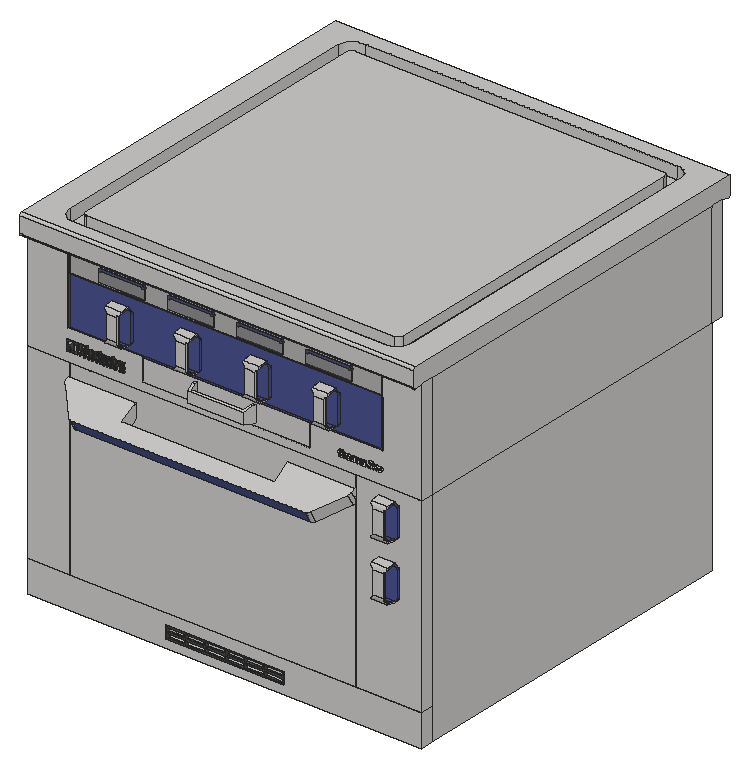
Revit family "QF_ELECTROLUXPROFESSIONAL_588423_MATGEAH8AO", category Attrezzature speciali, Revit 2020
Family settings
  Quota connettore circolare = Usa diametro
  Tipo di parte = Normale
  Basato su piano di lavoro = No
  Sempre verticale = Sì
  Taglio con vuoti quando caricato = No
  Condiviso = No
  Punto di calcolo locali = No
Parameters (values of type "Standard")
  Weight = 208.00 kg
  Watts = 17300 W
  Volts = 400 V
  URL Manufacturer = "https://www.electroluxprofessional.com/"
  URL = "https://www.electroluxprofessional.com/"
  Steam Supply Size = 0"
  Steam Supply Minimum Pressure = 0.00 psi
  Steam Supply Maximum Pressure = 0.00 psi
  Steam Consumption per Hour = 0
  Refrigeration Suction Line Size = 0 mm
  Refrigeration Liquid Line Size = 0 mm
  Refrigerant Compressor Remote = yes
  Prospetto di default = 0 mm
  Phase = 3
  Modello = "MATGEAH8AO"
  Produttore = "Electrolux Professional"
  Length Actual = 800 mm  # constant formula
  Item Number = "588423"
  Hot Water Size = 0"
  Height Actual = 700 mm  # constant formula
  HP = "23.2 HP"
  Gas Size = 0"
  Gas KW = 0
  Gas Input Pressure = 0.0 Btu/h
  Direct Waste Size = 0"
  Descrizione = "EL.FREE COOK.ST.OVEN,1S,800X800X700H"
  Depth Actual = 800 mm  # constant formula
  Cycle = 50 Hz
  Condensate Return Size = 0"
  Compressed Air Volume = 0 GPM
  Compressed Air Size = 0"
  Compressed Air Pressure = 0.00 psi
  Cold Water Size = 0"
  Accessory = yes
Reference planes
  plane 1 "BACK": y = 0
  plane 2: z = 0
  plane 3 "LEFT": x = 0
  plane 4 "RIGHT": x = 800
  plane 5 "FRONT": y = -800
  plane 6 "TOP": z = 900
  plane 7 "Center (Left/Right)": x = 400
  plane 8: y = -400
  plane 9: z = 200
  plane 10: y = -150
  plane 11 "Panel": y = -755
  plane 12: z = 798
  plane 13: z = 1327
  plane 14: x = 78
  plane 15: x = 722
  plane 16: y = -150
  plane 17: y = -650
  plane 18 "EIx": x = 755
  plane 19 "EIy": y = -585
Forms (mm)
  Extrusion 1, solid, material "QF_Finishes_Stainless Steel"
    sketch origin (-178.969, -4572, 200) x (-1, 0, 0) y (0, -1, 0)
      loop
        line (-178.969, -4527) -> (-178.969, -3817) -> (-978.969, -3817) -> (-978.969, -4527) -> (-178.969, -4527)
    from 450 to 663
  Extrusion 2, solid, material "QF_Finishes_Stainless Steel"
    sketch origin (0, 0, 0) x (0, 1, 0) y (0, 0, 1)
      loop
        line (-755, 200) -> (-755, 265) -> (-780, 265) -> (-780, 200) -> (-755, 200)
    from 0 to 800
  Extrusion 3, solid, material "QF_Finishes_Stainless Steel"
    sketch origin (-588.969, -4562, 200) x (-1, 0, 0) y (0, -1, 0)
      loop
        circle (-1343.969, -3977) r 6.35
    from 0 to -11.851
  Extrusion 4, solid, material "QF_Finishes_Stainless Steel"
    sketch origin (400, 296.4, 1219.2) x (0, 1, 0) y (0, 0, 1)
      loop
        line (-296.4, -319.2) -> (-1091.4, -319.2)
        arc (-1091.4, -319.2) -> (-1094.935, -320.664) -> (-1096.4, -324.2) r 5
        line (-1096.4, -324.2) -> (-1096.4, -355.2)
        arc (-1096.4, -355.2) -> (-1094.971, -358.264) -> (-1091.705, -359.139) r 4
        line (-1091.705, -359.139) -> (-1076.4, -356.231) -> (-316.4, -356.231) -> (-301.094, -359.139)
        arc (-301.094, -359.139) -> (-297.829, -358.264) -> (-296.4, -355.2) r 4
        line (-296.4, -355.2) -> (-296.4, -319.2)
    from -400 to 400
  Extrusion 5, solid, material "QF_Finishes_Stainless Steel"
    sketch origin (0, 0, 900) x (-1, 0, 0) y (0, -1, 0)
      loop
        arc (-88, 59) -> (-80.929, 61.929) -> (-78, 69) r 10
        line (-78, 69) -> (-78, 730)
        arc (-78, 730) -> (-80.929, 737.071) -> (-88, 740) r 10
        line (-88, 740) -> (-712, 740)
        arc (-712, 740) -> (-719.071, 737.071) -> (-722, 730) r 10
        line (-722, 730) -> (-722, 69)
        arc (-722, 69) -> (-719.071, 61.929) -> (-712, 59) r 10
        line (-712, 59) -> (-88, 59)
    from 0 to -20
  Extrusion 6, solid, material "QF_Finishes_Stainless Steel"
    sketch origin (-178.969, -4572, 200) x (-1, 0, 0) y (0, -1, 0)
      loop
        line (-178.969, -4527) -> (-178.969, -3817) -> (-978.969, -3817) -> (-978.969, -4527) -> (-178.969, -4527)
    from 450 to 0
  Extrusion 7, void
    sketch origin (0, -755, 0) x (-1, 0, 0) y (0, 0, 1)
      loop
        line (-520, 216.594) -> (-280, 216.594) -> (-280, 241.594) -> (-520, 241.594) -> (-520, 216.594)
    from 0 to -25
  Extrusion 8, solid, material "QF_Finishes_Black"
    sketch origin (0, -755, 0) x (-1, 0, 0) y (0, 0, 1)
      loop
        line (-280, 241.594) -> (-520, 241.594) -> (-520, 216.594) -> (-280, 216.594) -> (-280, 241.594)
      loop
        line (-282, 239.594) -> (-319.131, 239.594) -> (-319.131, 230.094) -> (-282, 230.094) -> (-282, 239.594)
      loop
        line (-282, 218.594) -> (-282, 228.094) -> (-319.131, 228.094) -> (-319.131, 218.594) -> (-282, 218.594)
      loop
        line (-321.131, 239.594) -> (-359.066, 239.594) -> (-359.066, 230.094) -> (-321.131, 230.094) -> (-321.131, 239.594)
      loop
        line (-399, 239.594) -> (-399, 230.094) -> (-361.066, 230.094) -> (-361.066, 239.594) -> (-399, 239.594)
      loop
        line (-401, 239.594) -> (-438.934, 239.594) -> (-438.934, 230.094) -> (-401, 230.094) -> (-401, 239.594)
      loop
        line (-359.066, 218.594) -> (-321.131, 218.594) -> (-321.131, 228.094) -> (-359.066, 228.094) -> (-359.066, 218.594)
      loop
        line (-361.066, 218.594) -> (-361.066, 228.094) -> (-399, 228.094) -> (-399, 218.594) -> (-361.066, 218.594)
      loop
        line (-401, 228.094) -> (-438.934, 228.094) -> (-438.934, 218.594) -> (-401, 218.594) -> (-401, 228.094)
      loop
        line (-518, 239.594) -> (-518, 230.094) -> (-480.869, 230.094) -> (-480.869, 239.594) -> (-518, 239.594)
      loop
        line (-518, 218.594) -> (-480.869, 218.594) -> (-480.869, 228.094) -> (-518, 228.094) -> (-518, 218.594)
      loop
        line (-478.869, 239.594) -> (-478.869, 230.094) -> (-440.934, 230.094) -> (-440.934, 239.594) -> (-478.869, 239.594)
      loop
        line (-440.934, 218.594) -> (-440.934, 228.094) -> (-478.869, 228.094) -> (-478.869, 218.594) -> (-440.934, 218.594)
    from -25.03 to -20
  Extrusion 9, void
    sketch origin (0, 0, 900) x (-1, 0, 0) y (0, -1, 0)
      loop
        arc (-53, 740) -> (-61.787, 761.213) -> (-83, 770) r 30
        line (-83, 770) -> (-717, 770)
        arc (-717, 770) -> (-738.213, 761.213) -> (-747, 740) r 30
        line (-747, 740) -> (-747, 59)
        arc (-747, 59) -> (-738.213, 37.787) -> (-717, 29) r 30
        line (-717, 29) -> (-83, 29)
        arc (-83, 29) -> (-61.787, 37.787) -> (-53, 59) r 30
        line (-53, 59) -> (-53, 740)
    from 0 to -25
  Extrusion 10, solid, material "QF_Finishes_Stainless Steel"
    sketch origin (0, 0, 900) x (-1, 0, 0) y (0, -1, 0)
      loop
        line (-82, 63) -> (-82, 736) -> (-718, 736) -> (-718, 63) -> (-82, 63)
    from -20 to -25
  Extrusion 11, solid, material "QF_Finishes_Stainless Steel"
    sketch origin (400, 296.4, 1219.2) x (0, 1, 0) y (0, 0, 1)
      loop
        line (-341.4, -569.2) -> (-316.4, -569.2) -> (-316.4, -356.231) -> (-341.4, -356.231) -> (-341.4, -569.2)
    from -400 to 400
Cuts and joins
  Extrusion 7 cuts Extrusion 6
  Extrusion 7 cuts Extrusion 2
  Extrusion 9 cuts Extrusion 4
Lines and regions (mm)
  symbolic lines
    curve 1: line (0, 0, 200) -> (800, 0, 200)
    curve 2: line (0, -800, 200) -> (0, 0, 200)
    curve 3: line (800, -800, 200) -> (0, -800, 200)
    curve 4: line (800, 0, 200) -> (800, -800, 200)
    curve 5: line (712, -59, 200) -> (88, -59, 200)
    curve 6: line (722, -680, 200) -> (722, -69, 200)
    curve 7: arc (88, -59, 200) -> (80.929, -61.929, 200) -> (78, -69, 200) r 10
    curve 8: arc (722, -69, 200) -> (719.071, -61.929, 200) -> (712, -59, 200) r 10
    curve 9: line (712, -741, 200) -> (88, -741, 200)
    curve 10: arc (88, -741, 200) -> (80.929, -738.071, 200) -> (78, -731, 200) r 10
    curve 11: arc (722, -731, 200) -> (719.071, -738.071, 200) -> (712, -741, 200) r 10
    curve 12: line (78, -69, 0) -> (78, -731, 0)
    curve 13: line (722, -731, 0) -> (722, -69, 0)
    curve 14: arc (83, -29, 0) -> (61.787, -37.787, 0) -> (53, -59, 0) r 30
    curve 15: line (717, -29, 0) -> (83, -29, 0)
    curve 16: line (53, -59, 0) -> (53, -740, 0)
    curve 17: line (747, -740, 0) -> (747, -59, 0)
    curve 18: arc (747, -59, 0) -> (738.213, -37.787, 0) -> (717, -29, 0) r 30
    curve 19: arc (717, -770, 0) -> (738.213, -761.213, 0) -> (747, -740, 0) r 30
    curve 20: line (83, -770, 0) -> (717, -770, 0)
    curve 21: arc (53, -740, 0) -> (61.787, -761.213, 0) -> (83, -770, 0) r 30
Dimensions and locks
  plane 3 "LEFT" to plane 4 "RIGHT" = 800 mm
  plane 5 "FRONT" to plane 1 "BACK" = 800 mm
  equal spacing: plane 3 "LEFT", plane 7 "Center (Left/Right)", plane 4 "RIGHT"
  equal spacing: plane 5 "FRONT", plane 8, plane 1 "BACK"
  plane 6 "TOP" to level = 900 mm  (x2)
  plane 9 to level = 200 mm
  plane 1 "BACK" to plane 10 to plane 11 "Panel" = 150 mm, 605 mm  (x2)
  plane 6 "TOP" to plane 9 to level = 700 mm, 200 mm
  plane 1 "BACK" to plane 5 "FRONT" = 800 mm
  plane 1 "BACK" to Extrusion 3 = 585 mm
  plane 12 to plane 9 = 598 mm
  plane 13 to plane 6 "TOP" = 427 mm
  plane 6 "TOP" to plane 12 = 102 mm
  plane 14 to plane 3 "LEFT" = 78 mm
  plane 15 to plane 4 "RIGHT" = 78 mm
  locked: plane 1 "BACK" to plane 16 at 150
  locked: plane 16 to plane 17 at 500
  plane 11 "Panel" to plane 5 "FRONT" = 45 mm
  plane 18 "EIx" to plane 4 "RIGHT" = 45 mm
  plane 19 "EIy" to plane 1 "BACK" = 585 mm
  aligned and locked: level to plane 2
  aligned and locked: Extrusion 2 to plane 4 "RIGHT"
  aligned and locked: plane 3 "LEFT" to nested 1
  aligned and locked: Extrusion 11 to plane 4 "RIGHT"
  aligned and locked: Extrusion 11 to plane 3 "LEFT"
  aligned and locked: plane 7 "Center (Left/Right)" to nested 4
Automatic sketch dimensions
  Extrusion 2 sketch curve to plane 9 = 0 mm
  Extrusion 2 sketch curve to plane 11 "Panel" = 0 mm
  Extrusion 2 sketch curve to plane 5 "FRONT" = 20 mm
  plane 9 to Extrusion 2 sketch curve = 65 mm
  Extrusion 3 sketch curve to plane 18 "EIx" = 0 mm
  Extrusion 3 sketch curve to plane 19 "EIy" = 0 mm
  Extrusion 4 sketch curve to plane 5 "FRONT" = 0 mm
  Extrusion 4 sketch curve to plane 6 "TOP" = 0 mm
  Extrusion 4 sketch curve to plane 1 "BACK" = 0 mm
  Extrusion 4 sketch curve to plane 5 "FRONT" = 4 mm
  Extrusion 4 sketch curve to Extrusion 4 sketch curve = 0.695 mm
  Extrusion 4 sketch curve to plane 5 "FRONT" = 5 mm
  Extrusion 4 sketch curve to Extrusion 4 sketch curve = 15.305 mm
  plane 1 "BACK" to Extrusion 4 sketch curve = 20 mm
  plane 1 "BACK" to Extrusion 4 sketch curve = 4.695 mm
  Extrusion 4 sketch curve to Extrusion 4 sketch curve = 4 mm
  Extrusion 4 sketch curve to Extrusion 4 sketch curve = 31 mm
  Extrusion 4 sketch curve to plane 6 "TOP" = 36 mm
  Extrusion 4 sketch curve to Extrusion 4 sketch curve = 2.909 mm
  Extrusion 5 sketch curve to plane 15 = 0 mm
  Extrusion 5 sketch curve to plane 14 = 0 mm
  plane 15 to Extrusion 5 sketch curve = 10 mm  (x2)
  Extrusion 5 sketch curve to Extrusion 5 sketch curve = 10 mm  (x2)
  plane 10 to Extrusion 5 sketch curve = 91 mm
  plane 17 to Extrusion 5 sketch curve = 80 mm
  plane 9 to Extrusion 7 sketch curve = 41.594 mm
  plane 7 "Center (Left/Right)" to Extrusion 7 sketch curve = 120 mm
  Extrusion 7 sketch curve to plane 7 "Center (Left/Right)" = 120 mm
  plane 9 to Extrusion 7 sketch curve = 16.594 mm
  plane 9 to Extrusion 8 sketch curve = 41.594 mm
  plane 7 "Center (Left/Right)" to Extrusion 8 sketch curve = 120 mm
  Extrusion 8 sketch curve to Extrusion 8 sketch curve = 2 mm  (x15)
  Extrusion 8 sketch curve to Extrusion 8 sketch curve = 0 mm  (x16)
  Extrusion 8 sketch curve to Extrusion 8 sketch curve = 37.131 mm  (x2)
  Extrusion 8 sketch curve to Extrusion 8 sketch curve = 37.934 mm  (x3)
  plane 7 "Center (Left/Right)" to Extrusion 8 sketch curve = 1 mm  (x2)
  Extrusion 8 sketch curve to plane 7 "Center (Left/Right)" = 1 mm  (x2)
  plane 9 to Extrusion 8 sketch curve = 18.594 mm  (x4)
  Extrusion 8 sketch curve to Extrusion 8 sketch curve = 9.5 mm  (x6)
  Extrusion 10 sketch curve to plane 14 = 4 mm
  plane 15 to Extrusion 10 sketch curve = 4 mm
  plane 17 to Extrusion 10 sketch curve = 86 mm
  plane 10 to Extrusion 10 sketch curve = 87 mm
  plane 18 "EIx" to Extrusion 9 sketch curve = 8 mm
  plane 15 to Extrusion 9 sketch curve = 5 mm  (x2)
  Extrusion 9 sketch curve to plane 14 = 5 mm  (x2)
  plane 14 to Extrusion 9 sketch curve = 25 mm
  plane 1 "BACK" to Extrusion 9 sketch curve = 29 mm
  plane 11 "Panel" to Extrusion 9 sketch curve = 15 mm
  Extrusion 1 sketch curve to plane 4 "RIGHT" = 0 mm
  Extrusion 1 sketch curve to plane 3 "LEFT" = 0 mm
  Extrusion 1 sketch curve to plane 11 "Panel" = 0 mm
  plane 1 "BACK" to Extrusion 1 sketch curve = 45 mm
  plane 1 "BACK" to curve 1 = 0 mm
  curve 1 to plane 4 "RIGHT" = 0 mm
  curve 6 to plane 15 = 0 mm
  curve 11 to plane 15 = 0 mm
  curve 10 to plane 14 = 0 mm
  curve 7 to plane 14 = 0 mm
  curve 2 to plane 3 "LEFT" = 0 mm
  plane 5 "FRONT" to curve 3 = 0 mm
  plane 15 to curve 9 = 10 mm
  plane 15 to curve 5 = 10 mm
  curve 7 to plane 14 = 10 mm
  curve 10 to plane 14 = 10 mm
  plane 1 "BACK" to curve 5 = 59 mm
  plane 17 to curve 6 = 30 mm
  plane 11 "Panel" to curve 11 = 24 mm
  Extrusion 6 sketch curve to plane 4 "RIGHT" = 0 mm
  Extrusion 6 sketch curve to plane 3 "LEFT" = 0 mm
  Extrusion 6 sketch curve to plane 11 "Panel" = 0 mm
  plane 1 "BACK" to Extrusion 6 sketch curve = 45 mm
  curve 12 to plane 14 = 0 mm
  curve 13 to plane 15 = 0 mm
  plane 11 "Panel" to curve 12 = 24 mm
  plane 11 "Panel" to curve 13 = 24 mm
  plane 1 "BACK" to curve 13 = 69 mm
  curve 14 to plane 14 = 5 mm
  curve 12 to curve 14 = 10 mm
  plane 1 "BACK" to curve 15 = 29 mm
  plane 15 to curve 15 = 5 mm
  plane 11 "Panel" to curve 16 = 15 mm
  plane 18 "EIx" to curve 17 = 8 mm
  plane 11 "Panel" to curve 17 = 15 mm
  plane 15 to curve 19 = 5 mm
  curve 20 to plane 14 = 5 mm
  plane 1 "BACK" to Extrusion 11 sketch curve = 45 mm
  plane 1 "BACK" to Extrusion 11 sketch curve = 20 mm
  Extrusion 11 sketch curve to plane 12 = 148 mm
  Extrusion 11 sketch curve to plane 6 "TOP" = 37.031 mm
  radius of Extrusion 3 sketch curve = 6.35 mm
Nested families
  nested 1: "Door_Panel_W800_A" at (300, -755, 0), type "Door_Panel_W800_A"
  nested 2: "FIT Range Control Handle" at (730, -783.167, -372.751), type "FIT Range Control Handle"
  nested 3: "FIT Range Control Handle" at (730, -783.167, -484.751), type "FIT Range Control Handle"
  nested 4: "Front_Panel_W800_Four Knobs" at (202.376, -755, 0), type "Front_Panel_W800_Four Knobs"
Connectors
  electrical at (755, -585, 188.149)
    settings: on Extrusion 3, index 1, voltage 400 V, apparent load 33000 VA, apparent load phase1 0 VA, apparent load phase2 0 VA, apparent load phase3 0 VA, power factor 1, load classification "Other", number of poles 1, system type 30, power factor state 1, is connector primary yes, connector utility no, sub classification motor no, connector description "ELECTRICAL CONNECTION"
Definition of nested family "Door_Panel_W800_A"
  Parameters
    Default Elevation = 0 mm
  Reference planes
    plane 1 "Center (Front/Back)": y = 0
    plane 2 "Ref. Level": z = 0
    plane 3: x = 500
    plane 4: x = -300
    plane 5 "Center (Left/Right)": x = 100
    plane 6: x = -215
    plane 7: x = 365
    plane 8 "Manopola": through (-6096, -50.059, 612.389) normal (0, -0.515, 0.8572)
    plane 9 "Top": z = 650
    plane 10: z = 265
    plane 11: z = 200
  Forms (mm)
    Extrusion 1, solid
      sketch origin (100, 0, 0) x (0, 1, 0) y (0, 0, 1)
        loop
          line (-25.03, 650) -> (-25.03, 265) -> (0, 265) -> (0, 650) -> (-25.03, 650)
      from 265 to 400
    Extrusion 2, solid
      sketch origin (100, 0, 0) x (0, 1, 0) y (0, 0, 1)
        loop
          line (-25.03, 650) -> (-25.03, 265) -> (0, 265) -> (0, 650) -> (-25.03, 650)
      from -400 to -315
    Extrusion 3, solid
      sketch origin (100, 0, 0) x (0, 1, 0) y (0, 0, 1)
        loop
          line (-25.03, 650) -> (-25.03, 265) -> (0, 265) -> (0, 650) -> (-25.03, 650)
      from -315 to 265
    Extrusion 4, solid
      sketch origin (0, -283.633, 472.044) x (0, 0.857167, 0.515038) y (-1, 0, 0)
        loop
          line (299.12, -365) -> (299.12, 215) -> (290.982, 215)
          arc (290.982, 215) -> (286.677, 214.026) -> (283.211, 211.293) r 10
          line (283.211, 211.293) -> (233.28, 170.86)
          arc (233.28, 170.86) -> (230.548, 167.394) -> (229.574, 163.089) r 10
          line (229.574, 163.089) -> (229.574, -313.089)
          arc (229.574, -313.089) -> (230.548, -317.394) -> (233.28, -320.86) r 10
          line (233.28, -320.86) -> (283.211, -361.293)
          arc (283.211, -361.293) -> (286.677, -364.026) -> (290.982, -365) r 10
          line (290.982, -365) -> (299.12, -365)
      from -27 to 0
    Extrusion 5, void
      sketch origin (100, 0, 0) x (0, 1, 0) y (0, 0, 1)
        loop
          line (-61.514, 605.507) -> (-47.608, 582.363) -> (-25.03, 595.93) -> (-25.03, 627.429) -> (-61.514, 605.507)
      from -180 to 130
    Extrusion 6, solid, detail levels coarse
      sketch origin (100, 0, 0) x (0, 1, 0) y (0, 0, 1)
        loop
          line (-25.03, 265) -> (-25.03, 650)
          arc (-25.03, 650) -> (-297.266, 537.236) -> (-410.03, 265) r 385
          line (-410.03, 265) -> (-25.03, 265)
      from -315 to 265
  Cuts and joins
    Extrusion 5 cuts Extrusion 4
    joined: Extrusion 3, Extrusion 4
  Lines and regions (mm)
    symbolic lines
      curve 1: line (-207.355, -45.043, 0) -> (-170.86, -83.673, 0)
      curve 2: line (-163.089, -86.85, 0) -> (313.089, -86.85, 0)
      curve 3: line (320.86, -83.673, 0) -> (357.355, -45.043, 0)
      curve 4: arc (-163.089, -86.85, 0) -> (-167.318, -86.101, 0) -> (-170.86, -83.673, 0) r 10.165
      curve 5: arc (313.089, -86.85, 0) -> (317.318, -86.101, 0) -> (320.86, -83.673, 0) r 10.165
      curve 6: line (-215, -45.043, 0) -> (-215, -410.03, 0)
      curve 7: line (-215, -410.03, 0) -> (365, -410.03, 0)
      curve 8: line (365, -410.03, 0) -> (365, -45.03, 0)
  Dimensions and locks
    plane 3 to plane 4 = 800 mm
    plane 4 to plane 3 = 800 mm
    equal spacing: plane 3, plane 5 "Center (Left/Right)", plane 4
    plane 6 to plane 4 = 85 mm
    plane 3 to plane 7 = 135 mm
    plane 11 to level = 200 mm
    plane 10 to plane 11 = 65 mm
    plane 10 to plane 9 "Top" = 385 mm
    plane 9 "Top" to plane 11 = 450 mm
    aligned and locked: plane 3 to Extrusion 1
    aligned and locked: cut or joined group of Extrusion 3, Extrusion 4, Extrusion 5 to plane 6
    aligned and locked: cut or joined group of Extrusion 3, Extrusion 4, Extrusion 5 to plane 7
    aligned and locked: plane 7 to Extrusion 1
    aligned and locked: plane 6 to Extrusion 2
    aligned and locked: Extrusion 2 to plane 4
    aligned and locked: plane 10 to Extrusion 2
    aligned and locked: plane 10 to cut or joined group of Extrusion 3, Extrusion 4, Extrusion 5
    aligned and locked: plane 10 to Extrusion 1
    aligned and locked: Extrusion 6 to plane 6
    aligned and locked: Extrusion 6 to plane 7
  Automatic sketch dimensions
    Extrusion 5 sketch curve to plane 8 "Manopola" = 0 mm  (x2)
    plane 1 "Center (Front/Back)" to Extrusion 5 sketch curve = 61.514 mm
    Extrusion 5 sketch curve to Extrusion 5 sketch curve = 13.906 mm
    plane 1 "Center (Front/Back)" to Extrusion 5 sketch curve = 25.03 mm
    Extrusion 4 sketch curve to plane 7 = 0 mm
    Extrusion 4 sketch curve to plane 6 = 0 mm
    plane 6 to Extrusion 4 sketch curve = 51.911 mm
    plane 7 to Extrusion 4 sketch curve = 44.14 mm
    Extrusion 4 sketch curve to Extrusion 4 sketch curve = 3.707 mm  (x2)
    plane 6 to Extrusion 4 sketch curve = 44.14 mm
    plane 7 to Extrusion 4 sketch curve = 3.707 mm
    Extrusion 4 sketch curve to Extrusion 4 sketch curve = 49.93 mm  (x2)
    plane 6 to Extrusion 4 sketch curve = 3.707 mm
    Extrusion 4 sketch curve to Extrusion 4 sketch curve = 7.771 mm  (x3)
    Extrusion 4 sketch curve to Extrusion 4 sketch curve = 8.138 mm
    Extrusion 2 sketch curve to plane 1 "Center (Front/Back)" = 0 mm
    Extrusion 3 sketch curve to plane 1 "Center (Front/Back)" = 0 mm
    Extrusion 1 sketch curve to plane 1 "Center (Front/Back)" = 0 mm
    Extrusion 2 sketch curve to plane 9 "Top" = 0 mm
    Extrusion 2 sketch curve to Extrusion 2 sketch curve = 25.03 mm
    Extrusion 3 sketch curve to plane 9 "Top" = 0 mm
    Extrusion 3 sketch curve to Extrusion 3 sketch curve = 25.03 mm
    Extrusion 1 sketch curve to plane 9 "Top" = 0 mm
    plane 1 "Center (Front/Back)" to Extrusion 1 sketch curve = 25.03 mm
    level to Extrusion 1 sketch curve = 265 mm
    level to Extrusion 2 sketch curve = 265 mm
    level to Extrusion 3 sketch curve = 265 mm
    plane 10 to Extrusion 6 sketch curve = 0 mm
    Extrusion 6 sketch curve to plane 9 "Top" = 0 mm
    plane 1 "Center (Front/Back)" to Extrusion 6 sketch curve = 25.03 mm
    curve 7 to plane 7 = 0 mm
    plane 6 to curve 1 = 44.14 mm
    curve 4 to curve 4 = 7.389 mm
    curve 4 to curve 2 = 7.771 mm
    plane 7 to curve 2 = 51.911 mm
    curve 2 to curve 5 = 0.382 mm
    curve 2 to curve 3 = 7.771 mm
    plane 1 "Center (Front/Back)" to curve 6 = 410.03 mm
    plane 1 "Center (Front/Back)" to curve 2 = 86.85 mm
    curve 2 to curve 3 = 3.177 mm
    curve 2 to curve 1 = 3.177 mm
    plane 7 to curve 3 = 7.645 mm
    plane 1 "Center (Front/Back)" to curve 3 = 45.043 mm
    curve 3 to curve 8 = 0.013 mm
    curve 7 to plane 6 = 0 mm
    curve 6 to curve 1 = 7.645 mm
    plane 1 "Center (Front/Back)" to curve 1 = 45.043 mm
    curve 6 to curve 1 = 0 mm
Definition of nested family "FIT Range Control Handle"
  Parameters
    Default Elevation = 0 mm
  Reference planes
    plane 1 "Center (Front/Back)": y = 0
    plane 2: z = 0
    plane 3 "Center (Left/Right)": x = 0
    plane 4: z = 971.092
    plane 5: y = -16.8
  Forms (mm)
    Extrusion 1, solid
      sketch origin (-746.28, 380.497, 208.931) x (-1, 0, 0) y (0, 0, 1)
        loop
          line (-770.101, 786.798) -> (-770.101, 731.649)
          arc (-770.101, 731.649) -> (-769.759, 730.563) -> (-768.855, 729.87) r 1.893
          line (-768.855, 729.87) -> (-763.474, 727.911) -> (-729.81, 727.911) -> (-724.428, 729.87)
          arc (-724.428, 729.87) -> (-723.525, 730.563) -> (-723.183, 731.649) r 1.893
          line (-723.183, 731.649) -> (-723.183, 786.798)
          arc (-723.183, 786.798) -> (-723.529, 787.894) -> (-724.44, 788.593) r 1.91
          line (-724.44, 788.593) -> (-729.683, 790.819) -> (-763.601, 790.819) -> (-768.844, 788.593)
          arc (-768.844, 788.593) -> (-769.755, 787.894) -> (-770.101, 786.798) r 1.91
      from -382.35 to -378.852
    Sweep 2, solid
      path origin (-746.788, 380.496, 208.091) x (0, -1, 0) y (0, 0, 1)
        loop
          line (379.775, 793.281) -> (395.661, 791.048)
          arc (395.661, 791.048) -> (397.781, 787.377) -> (398.517, 783.202) r 12.207
          line (398.517, 783.202) -> (398.517, 737.368)
          arc (398.517, 737.368) -> (397.781, 733.193) -> (395.661, 729.522) r 12.207
          line (395.661, 729.522) -> (379.775, 727.289)
      profile origin (-746.788, -7.222, 1000.256) x (0, -0.139173, 0.990268) y (-1, 0, 0)
        loop
          line (0.782, -763.123) -> (0.782, -730.907) -> (-1.322, -730.907) -> (-1.322, -763.123) -> (0.782, -763.123)
    Sweep 3, solid
      path origin (-746.788, 380.715, 207.832) x (0, -1, 0) y (0, 0, 1)
        loop
          line (380.478, 795.442) -> (397.218, 793.09)
          arc (397.218, 793.09) -> (399.929, 788.473) -> (400.871, 783.202) r 15.207
          line (400.871, 783.202) -> (400.871, 737.584)
          arc (400.871, 737.584) -> (399.914, 732.274) -> (397.164, 727.633) r 15.207
          line (397.164, 727.633) -> (380.601, 725.305)
      profile origin (-746.788, -8.132, 1002.099) x (0, -0.139173, 0.990268) y (-1, 0, 0)
        loop
          line (0.782, -763.123) -> (0.782, -730.907) -> (-1.322, -730.907) -> (-1.322, -763.123) -> (0.782, -763.123)
    Extrusion 4, void
      sketch origin (889.253, 220.666, 207.993) x (1, 0, 0) y (0, 0, 1)
        loop
          line (-943.038, 816.854) -> (-943.038, 703.686) -> (-899.466, 734.196) -> (-899.466, 786.344) -> (-943.038, 816.854)
      from 230.636 to 242.25
    Extrusion 5, void
      sketch origin (-888.8, 220.666, 207.993) x (-1, 0, 0) y (0, 0, -1)
        loop
          line (-943.038, -816.854) -> (-899.466, -786.344) -> (-899.466, -734.196) -> (-943.038, -703.686) -> (-943.038, -816.854)
      from 230.636 to 242.25
    Extrusion 6, solid
      sketch origin (0, 0, 0) x (1, 0, 0) y (0, 0, 1)
        loop
          circle (0, 971.092) r 7.736
      from -3.137 to -1.645
  Cuts and joins
    Extrusion 4, Extrusion 5 cuts Sweep 3
    Extrusion 4, Extrusion 5 cuts Sweep 2
    joined: Extrusion 1, Extrusion 6
  Lines and regions (mm)
    symbolic lines
      curve 1: line (-15.881, -19.189, 0) -> (-15.881, -16.8, 0)
      curve 2: line (16.334, -19.189, 0) -> (16.334, -16.8, 0)
      curve 3: spline (-15.881, -19.189, 0) -> (-15.417, -19.349, 0) -> (-14.951, -19.501, 0) -> (-14.483, -19.646, 0) -> (-14.014, -19.783, 0) -> (-13.543, -19.912, 0) -> (-13.071, -20.033, 0) -> (-12.597, -20.146, 0) -> (-12.122, -20.251, 0) -> (-11.646, -20.349, 0) -> (-11.169, -20.438, 0) -> (-10.691, -20.52, 0) -> (-10.213, -20.593, 0)
      curve 4: spline (10.666, -20.593, 0) -> (11.144, -20.52, 0) -> (11.622, -20.438, 0) -> (12.099, -20.349, 0) -> (12.575, -20.251, 0) -> (13.05, -20.146, 0) -> (13.524, -20.033, 0) -> (13.996, -19.912, 0) -> (14.467, -19.783, 0) -> (14.936, -19.646, 0) -> (15.404, -19.501, 0) -> (15.87, -19.349, 0) -> (16.334, -19.189, 0)
      curve 5: line (-10.213, -20.938, 0) -> (10.716, -20.938, 0)
  Dimensions and locks
    cut or joined group of Sweep 3, Extrusion 4, Extrusion 5 to cut or joined group of Sweep 3, Extrusion 4, Extrusion 5 = 71.686 mm
Definition of nested family "Front_Panel_W800_Four Knobs"
  Parameters
    Default Elevation = 0 mm
  Reference planes
    plane 1 "Center (Front/Back)": y = 0
    plane 2: z = 0
    plane 3 "Center (Left/Right)": x = 197.624
    plane 4 "Left": x = -202.376
    plane 5 "Right": x = 597.624
    plane 6: y = -45
    plane 7: x = -12.376
    plane 8: x = 127.624
    plane 9: y = -310
    plane 10: y = -25
    plane 11: x = 517.624
    plane 12: x = -122.376
  Forms (mm)
    Extrusion 1, solid
      sketch origin (833.217, 829.203, -1.25) x (0, 1, 0) y (0, 0, 1)
        loop
          line (-854.203, 651.25) -> (-829.203, 651.25) -> (-829.203, 864.25) -> (-854.203, 864.25) -> (-854.203, 651.25)
      from -1035.593 to -235.593
    Extrusion 2, void
      sketch origin (0, 0, 0) x (1, 0, 0) y (0, 0, 1)
        loop
          line (-122.376, 853.866) -> (-122.376, 711.866) -> (517.624, 711.866) -> (517.624, 853.866) -> (-122.376, 853.866)
      from 19.387 to 33.951
    Extrusion 3, void
      sketch origin (0, 0, 0) x (1, 0, 0) y (0, 0, 1)
        loop
          line (30.124, 711.866) -> (30.124, 666.866) -> (370.124, 666.866) -> (370.124, 711.866) -> (30.124, 711.866)
      from 19.387 to 25
    Extrusion 4, solid
      sketch origin (0, 0, 0) x (1, 0, 0) y (0, 0, 1)
        loop
          line (31.124, 710.866) -> (31.124, 667.866) -> (369.124, 667.866) -> (369.124, 710.866) -> (31.124, 710.866)
      from 19.387 to 25
    Extrusion 5, solid
      sketch origin (0, 0, 0) x (1, 0, 0) y (0, 1, 0)
        loop
          line (141.059, -25) -> (135.966, -25) -> (140.646, -49.075) -> (254.603, -49.075) -> (259.283, -25) -> (254.189, -25) -> (250.481, -44.075) -> (144.767, -44.075) -> (141.059, -25)
      from 672.593 to 705.67
    Extrusion 6, void
      sketch origin (197.624, 0, 0) x (0, 1, 0) y (0, 0, 1)
        loop
          line (-30, 705.67) -> (-30, 710.67) -> (-56.744, 710.67) -> (-56.744, 667.593) -> (-30, 667.593) -> (-30, 672.593) -> (-53.776, 680.318) -> (-53.776, 697.945) -> (-30, 705.67)
      from -70 to 70
    Extrusion 7, solid, detail levels coarse
      sketch origin (0, -265, 0) x (1, 0, 0) y (0, 1, 0)
        loop
          line (140.646, -69.075) -> (254.603, -69.075) -> (259.283, -45) -> (364.124, -45) -> (364.124, 240) -> (31.124, 240) -> (31.124, -45) -> (135.966, -45) -> (140.646, -69.075)
      from 672.593 to 705.67
    Extrusion 8, void
      sketch origin (197.624, -280, 0) x (0, 1, 0) y (0, 0, 1)
        loop
          line (-30, 705.67) -> (-30, 710.67) -> (-56.744, 710.67) -> (-56.744, 667.593) -> (-30, 667.593) -> (-30, 672.593) -> (-53.776, 680.318) -> (-53.776, 697.945) -> (-30, 705.67)
      from -70 to 70
  Cuts and joins
    Extrusion 2, Extrusion 3 cuts Extrusion 1
    Extrusion 6, Extrusion 8 cuts Extrusion 5
    Extrusion 8 cuts Extrusion 7
  Lines and regions (mm)
    symbolic lines
      curve 1: line (31.124, -45, 0) -> (31.124, -310, 0)
      curve 2: line (31.124, -310, 0) -> (364.124, -310, 0)
      curve 3: line (135.966, -310, 0) -> (140.646, -334.075, 0)
      curve 4: line (140.646, -334.075, 0) -> (254.603, -334.075, 0)
      curve 5: line (254.603, -334.075, 0) -> (259.283, -310, 0)
      curve 6: line (364.124, -310, 0) -> (364.124, -45, 0)
      curve 7: line (31.124, -300, 0) -> (364.124, -300, 0)
      curve 8: line (140.874, -309.046, 0) -> (144.767, -329.075, 0)
      curve 9: line (144.767, -329.075, 0) -> (250.481, -329.075, 0)
      curve 10: line (250.481, -329.075, 0) -> (254.375, -309.046, 0)
  Dimensions and locks
    equal spacing: plane 5 "Right", plane 3 "Center (Left/Right)", plane 4 "Left"
    plane 5 "Right" to plane 4 "Left" = 800 mm
    plane 3 "Center (Left/Right)" to plane 7 = 210 mm
    plane 3 "Center (Left/Right)" to plane 8 = 70 mm
    plane 6 to plane 9 = 265 mm
    aligned and locked: cut or joined group of Extrusion 1, Extrusion 2, Extrusion 3 to plane 4 "Left"
    aligned and locked: plane 5 "Right" to cut or joined group of Extrusion 1, Extrusion 2, Extrusion 3
    aligned and locked: plane 3 "Center (Left/Right)" to nested 2
    aligned and locked: cut or joined group of Extrusion 1, Extrusion 2, Extrusion 3 to nested 2
  Automatic sketch dimensions
    plane 7 to Extrusion 3 sketch curve = 42.5 mm
    plane 3 "Center (Left/Right)" to Extrusion 3 sketch curve = 172.5 mm
    level to Extrusion 3 sketch curve = 666.866 mm
    Extrusion 3 sketch curve to Extrusion 3 sketch curve = 45 mm
    plane 7 to Extrusion 4 sketch curve = 43.5 mm
    plane 3 "Center (Left/Right)" to Extrusion 4 sketch curve = 171.5 mm
    level to Extrusion 4 sketch curve = 667.866 mm
    Extrusion 4 sketch curve to Extrusion 4 sketch curve = 43 mm
    plane 8 to Extrusion 5 sketch curve = 8.342 mm
    plane 6 to Extrusion 5 sketch curve = 4.075 mm
    plane 8 to Extrusion 5 sketch curve = 13.021 mm
    Extrusion 5 sketch curve to Extrusion 5 sketch curve = 5.094 mm  (x2)
    Extrusion 5 sketch curve to plane 6 = 0.925 mm
    Extrusion 5 sketch curve to Extrusion 5 sketch curve = 4.122 mm  (x2)
    plane 3 "Center (Left/Right)" to Extrusion 5 sketch curve = 52.857 mm
    Extrusion 5 sketch curve to plane 6 = 20 mm  (x2)
    Extrusion 5 sketch curve to Extrusion 5 sketch curve = 3.708 mm
    plane 6 to Extrusion 6 sketch curve = 11.744 mm
    plane 6 to Extrusion 6 sketch curve = 8.776 mm
    Extrusion 6 sketch curve to plane 6 = 15 mm  (x2)
    level to Extrusion 6 sketch curve = 667.593 mm
    Extrusion 6 sketch curve to Extrusion 6 sketch curve = 5 mm
    Extrusion 6 sketch curve to Extrusion 6 sketch curve = 12.725 mm  (x2)
    Extrusion 6 sketch curve to Extrusion 6 sketch curve = 17.627 mm
    Extrusion 6 sketch curve to Extrusion 6 sketch curve = 7.725 mm
    Extrusion 8 sketch curve to plane 9 = 26.744 mm
    Extrusion 8 sketch curve to plane 9 = 23.776 mm
    plane 9 to Extrusion 8 sketch curve = 0 mm  (x2)
    level to Extrusion 8 sketch curve = 667.593 mm
    Extrusion 8 sketch curve to Extrusion 8 sketch curve = 5 mm
    Extrusion 8 sketch curve to Extrusion 8 sketch curve = 12.725 mm  (x2)
    Extrusion 8 sketch curve to Extrusion 8 sketch curve = 17.627 mm
    Extrusion 8 sketch curve to Extrusion 8 sketch curve = 7.725 mm
    plane 9 to Extrusion 7 sketch curve = 0 mm  (x2)
    plane 7 to Extrusion 7 sketch curve = 43.5 mm
    plane 8 to Extrusion 7 sketch curve = 8.342 mm
    Extrusion 7 sketch curve to plane 9 = 24.075 mm
    plane 8 to Extrusion 7 sketch curve = 13.021 mm
    Extrusion 7 sketch curve to Extrusion 7 sketch curve = 104.842 mm
    Extrusion 7 sketch curve to plane 6 = 20 mm
    plane 3 "Center (Left/Right)" to Extrusion 7 sketch curve = 56.979 mm
    Extrusion 7 sketch curve to Extrusion 7 sketch curve = 4.68 mm
    Extrusion 1 sketch curve to plane 1 "Center (Front/Back)" = 0 mm
    level to Extrusion 1 sketch curve = 650 mm
    plane 4 "Left" to Extrusion 2 sketch curve = 80 mm
    Extrusion 2 sketch curve to plane 5 "Right" = 80 mm
    level to Extrusion 2 sketch curve = 711.866 mm
    Extrusion 2 sketch curve to Extrusion 2 sketch curve = 142 mm
    plane 6 to curve 1 = 0 mm
    plane 6 to curve 6 = 0 mm
    plane 9 to curve 1 = 0 mm
    plane 7 to curve 1 = 43.5 mm
    curve 4 to plane 9 = 24.075 mm
    plane 8 to curve 4 = 13.021 mm
    curve 3 to curve 8 = 4.122 mm
    plane 3 "Center (Left/Right)" to curve 4 = 56.979 mm
    curve 4 to curve 2 = 109.521 mm
    plane 8 to curve 3 = 8.342 mm
    curve 3 to curve 8 = 4.908 mm
    curve 9 to curve 4 = 4.122 mm
    curve 10 to plane 9 = 19.075 mm
    curve 9 to curve 5 = 8.801 mm
    plane 9 to curve 10 = 0.954 mm
    curve 10 to curve 5 = 4.908 mm
    curve 3 to curve 8 = 0.954 mm
    curve 1 to curve 7 = 10 mm
    Extrusion 1 sketch curve to plane 6 = 20 mm
    Extrusion 1 sketch curve to Extrusion 1 sketch curve = 213 mm
  Nested families
    nested 1: "Range Control Handle" at (-12.376, -28.137, -209.113) x (-1, 0, 0) z (0, 0, 1), type "Range Control Handle"
    nested 2: "Front glass control panel W800" at (197.624, 280.644, 2.752), type "Front glass control panel W800"
    nested 3: "Range Control Handle" at (127.624, -28.137, -209.113) x (-1, 0, 0) z (0, 0, 1), type "Range Control Handle"
    nested 4: "Range Control Handle" at (407.624, -28.137, -209.113), type "Range Control Handle"
    nested 5: "Range Control Handle" at (267.624, -28.137, -209.113), type "Range Control Handle"
    nested 6: "ELX_ThermaLine_Small" at (468.838, -25, 679.426) x (1, 0, 0) z (0, -1, 0), type "ELX_ThermaLine_Small"
      with Show Logo yes, Material_Logo none
    nested 7: "ELX_Professional_Logo_Small" at (-62.89, -25, 681.659) x (1, 0, 0) z (0, -1, 0), type "ELX_Professional_Logo_Small"
      with Show Logo yes, Material_Logo none
  Definition of nested family "Range Control Handle"
    Parameters
      Default Elevation = 0 mm
    Reference planes
      plane 1 "Center (Front/Back)": y = 0
      plane 2: z = 0
      plane 3 "Center (Left/Right)": x = 0
      plane 4: z = 971.092
      plane 5: y = -16.9
    Forms (mm)
      Extrusion 1, solid
        sketch origin (-746.28, 380.497, 208.931) x (-1, 0, 0) y (0, 0, 1)
          loop
            line (-770.101, 786.798) -> (-770.101, 731.649)
            arc (-770.101, 731.649) -> (-769.759, 730.563) -> (-768.855, 729.87) r 1.893
            line (-768.855, 729.87) -> (-763.474, 727.911) -> (-729.81, 727.911) -> (-724.428, 729.87)
            arc (-724.428, 729.87) -> (-723.525, 730.563) -> (-723.183, 731.649) r 1.893
            line (-723.183, 731.649) -> (-723.183, 786.798)
            arc (-723.183, 786.798) -> (-723.529, 787.894) -> (-724.44, 788.593) r 1.91
            line (-724.44, 788.593) -> (-729.683, 790.819) -> (-763.601, 790.819) -> (-768.844, 788.593)
            arc (-768.844, 788.593) -> (-769.755, 787.894) -> (-770.101, 786.798) r 1.91
        from -382.35 to -378.852
      Sweep 2, solid
        path origin (-746.788, 380.496, 208.091) x (0, -1, 0) y (0, 0, 1)
          loop
            line (379.775, 793.281) -> (395.661, 791.048)
            arc (395.661, 791.048) -> (397.781, 787.377) -> (398.517, 783.202) r 12.207
            line (398.517, 783.202) -> (398.517, 737.368)
            arc (398.517, 737.368) -> (397.781, 733.193) -> (395.661, 729.522) r 12.207
            line (395.661, 729.522) -> (379.775, 727.289)
        profile origin (-746.788, -7.222, 1000.256) x (0, -0.139173, 0.990268) y (-1, 0, 0)
          loop
            line (0.782, -763.123) -> (0.782, -730.907) -> (-1.322, -730.907) -> (-1.322, -763.123) -> (0.782, -763.123)
      Sweep 3, solid
        path origin (-746.788, 380.715, 207.832) x (0, -1, 0) y (0, 0, 1)
          loop
            line (380.478, 795.442) -> (397.218, 793.09)
            arc (397.218, 793.09) -> (399.929, 788.473) -> (400.871, 783.202) r 15.207
            line (400.871, 783.202) -> (400.871, 737.584)
            arc (400.871, 737.584) -> (399.914, 732.274) -> (397.164, 727.633) r 15.207
            line (397.164, 727.633) -> (380.601, 725.305)
        profile origin (-746.788, -8.132, 1002.099) x (0, -0.139173, 0.990268) y (-1, 0, 0)
          loop
            line (0.782, -763.123) -> (0.782, -730.907) -> (-1.322, -730.907) -> (-1.322, -763.123) -> (0.782, -763.123)
      Extrusion 4, void
        sketch origin (889.253, 220.666, 207.993) x (1, 0, 0) y (0, 0, 1)
          loop
            line (-943.038, 816.854) -> (-943.038, 703.686) -> (-899.466, 734.196) -> (-899.466, 786.344) -> (-943.038, 816.854)
        from 230.636 to 242.25
      Extrusion 5, void
        sketch origin (-888.8, 220.666, 207.993) x (-1, 0, 0) y (0, 0, -1)
          loop
            line (-943.038, -816.854) -> (-899.466, -786.344) -> (-899.466, -734.196) -> (-943.038, -703.686) -> (-943.038, -816.854)
        from 230.636 to 242.25
      Extrusion 6, solid
        sketch origin (0, 0, 0) x (1, 0, 0) y (0, 0, 1)
          loop
            circle (0, 971.092) r 7.736
        from -3.137 to -1.645
    Cuts and joins
      Extrusion 4, Extrusion 5 cuts Sweep 3
      Extrusion 4, Extrusion 5 cuts Sweep 2
      joined: Extrusion 1, Extrusion 6
    Lines and regions (mm)
      symbolic lines
        curve 1: line (16.334, -16.9, 0) -> (16.334, -19.227, 0)
        curve 2: spline (16.334, -19.227, 0) -> (15.87, -19.385, 0) -> (15.404, -19.536, 0) -> (14.936, -19.678, 0) -> (14.466, -19.813, 0) -> (13.995, -19.94, 0) -> (13.523, -20.059, 0) -> (13.049, -20.171, 0) -> (12.575, -20.274, 0) -> (12.099, -20.37, 0) -> (11.622, -20.458, 0) -> (11.144, -20.537, 0) -> (10.666, -20.609, 0)
        curve 3: line (10.666, -16.9, 0) -> (10.666, -20.938, 0)
        curve 4: line (-10.213, -20.938, 0) -> (10.666, -20.938, 0)
        curve 5: line (-10.213, -20.938, 0) -> (-10.213, -16.9, 0)
        curve 6: spline (-10.213, -20.609, 0) -> (-10.691, -20.537, 0) -> (-11.169, -20.458, 0) -> (-11.646, -20.37, 0) -> (-12.122, -20.274, 0) -> (-12.597, -20.171, 0) -> (-13.07, -20.059, 0) -> (-13.542, -19.94, 0) -> (-14.013, -19.813, 0) -> (-14.483, -19.678, 0) -> (-14.951, -19.536, 0) -> (-15.417, -19.385, 0) -> (-15.881, -19.227, 0)
        curve 7: line (-15.881, -19.227, 0) -> (-15.881, -16.9, 0)
  Definition of nested family "Front glass control panel W800"
    Parameters
      Default Elevation = 0 mm
    Reference planes
      plane 1 "Center (Front/Back)": y = 0
      plane 2: z = 0
      plane 3 "Center (Left/Right)": x = 0
    Forms (mm)
      Extrusion 1, solid
        sketch origin (378.286, 0, 0.617) x (1, 0, 0) y (0, 0, 1)
          loop
            line (-698.286, 806.791) -> (-698.286, 708.497) -> (-58.286, 708.497) -> (-58.286, 806.791) -> (-698.286, 806.791)
        from 300.031 to 304.8
      Extrusion 2, solid
        sketch origin (378.286, 0, 0.617) x (1, 0, 0) y (0, 0, 1)
          loop
            line (-698.286, 850.497) -> (-698.286, 806.791) -> (-58.286, 806.791) -> (-58.286, 850.497) -> (-698.286, 850.497)
        from 300.031 to 304.8
      Extrusion 3, void
        sketch origin (378.286, 0, 0.617) x (1, 0, 0) y (0, 0, 1)
          loop
            line (-695.628, 847.565) -> (-695.628, 710.699) -> (-61.196, 710.699) -> (-61.196, 847.565) -> (-695.628, 847.565)
        from 303.697 to 304.8
      Extrusion 4, solid
        sketch origin (-378.333, 1.101, -0.633) x (-1, 0, 0) y (0, 0, -1)
          loop
            line (-261.431, -812.62) -> (-355.186, -812.62) -> (-355.186, -834.177) -> (-350.269, -834.177) -> (-348.469, -835.977) -> (-268.039, -835.977) -> (-266.24, -834.177) -> (-261.431, -834.177) -> (-261.431, -812.62)
        from 304.798 to 306.745
      Extrusion 5, solid
        sketch origin (-378.333, 1.101, -0.633) x (-1, 0, 0) y (0, 0, -1)
          loop
            line (-350.269, -834.177) -> (-355.078, -834.177)
            arc (-355.078, -834.177) -> (-353.942, -838.747) -> (-349.686, -840.763) r 5.5
            line (-349.686, -840.763) -> (-266.98, -840.763)
            arc (-266.98, -840.763) -> (-262.706, -838.752) -> (-261.529, -834.177) r 5.549
            line (-261.529, -834.177) -> (-266.24, -834.177) -> (-268.039, -835.977) -> (-348.469, -835.977) -> (-350.269, -834.177)
        from 304.798 to 306.745
      Extrusion 6, solid
        sketch origin (-518.333, 1.101, -0.633) x (-1, 0, 0) y (0, 0, -1)
          loop
            line (-261.431, -812.62) -> (-355.186, -812.62) -> (-355.186, -834.177) -> (-350.269, -834.177) -> (-348.469, -835.977) -> (-268.039, -835.977) -> (-266.24, -834.177) -> (-261.431, -834.177) -> (-261.431, -812.62)
        from 304.798 to 306.745
      Extrusion 7, solid
        sketch origin (-518.333, 1.101, -0.633) x (-1, 0, 0) y (0, 0, -1)
          loop
            line (-350.269, -834.177) -> (-355.078, -834.177)
            arc (-355.078, -834.177) -> (-353.942, -838.747) -> (-349.686, -840.763) r 5.5
            line (-349.686, -840.763) -> (-266.98, -840.763)
            arc (-266.98, -840.763) -> (-262.706, -838.752) -> (-261.529, -834.177) r 5.549
            line (-261.529, -834.177) -> (-266.24, -834.177) -> (-268.039, -835.977) -> (-348.469, -835.977) -> (-350.269, -834.177)
        from 304.798 to 306.745
      Extrusion 8, solid
        sketch origin (378.333, 1.101, -0.633) x (1, 0, 0) y (0, 0, 1)
          loop
            line (-261.431, 812.62) -> (-261.431, 834.177) -> (-266.24, 834.177) -> (-268.039, 835.977) -> (-348.469, 835.977) -> (-350.269, 834.177) -> (-355.186, 834.177) -> (-355.186, 812.62) -> (-261.431, 812.62)
        from 304.798 to 306.745
      Extrusion 9, solid
        sketch origin (378.333, 1.101, -0.633) x (1, 0, 0) y (0, 0, 1)
          loop
            line (-350.269, 834.177) -> (-348.469, 835.977) -> (-268.039, 835.977) -> (-266.24, 834.177) -> (-261.529, 834.177)
            arc (-261.529, 834.177) -> (-262.706, 838.752) -> (-266.98, 840.763) r 5.549
            line (-266.98, 840.763) -> (-349.686, 840.763)
            arc (-349.686, 840.763) -> (-353.942, 838.747) -> (-355.078, 834.177) r 5.5
            line (-355.078, 834.177) -> (-350.269, 834.177)
        from 304.798 to 306.745
      Extrusion 10, solid
        sketch origin (518.333, 1.101, -0.633) x (1, 0, 0) y (0, 0, 1)
          loop
            line (-261.431, 812.62) -> (-261.431, 834.177) -> (-266.24, 834.177) -> (-268.039, 835.977) -> (-348.469, 835.977) -> (-350.269, 834.177) -> (-355.186, 834.177) -> (-355.186, 812.62) -> (-261.431, 812.62)
        from 304.798 to 306.745
      Extrusion 11, solid
        sketch origin (518.333, 1.101, -0.633) x (1, 0, 0) y (0, 0, 1)
          loop
            line (-350.269, 834.177) -> (-348.469, 835.977) -> (-268.039, 835.977) -> (-266.24, 834.177) -> (-261.529, 834.177)
            arc (-261.529, 834.177) -> (-262.706, 838.752) -> (-266.98, 840.763) r 5.549
            line (-266.98, 840.763) -> (-349.686, 840.763)
            arc (-349.686, 840.763) -> (-353.942, 838.747) -> (-355.078, 834.177) r 5.5
            line (-355.078, 834.177) -> (-350.269, 834.177)
        from 304.798 to 306.745
    Cuts and joins
      Extrusion 3 cuts Extrusion 1
      Extrusion 3 cuts Extrusion 2
    Dimensions and locks
      aligned and locked: Extrusion 1 to Extrusion 2
      aligned and locked: Extrusion 5 sketch curve to Extrusion 4  (x5)
      aligned and locked: Extrusion 5 to Extrusion 4
      aligned and locked: Extrusion 7 sketch curve to Extrusion 6  (x5)
      aligned and locked: Extrusion 7 to Extrusion 6
      aligned and locked: Extrusion 9 sketch curve to Extrusion 8  (x4)
      aligned and locked: Extrusion 8 to Extrusion 9 sketch curve
      aligned and locked: Extrusion 9 to Extrusion 8
      aligned and locked: Extrusion 11 sketch curve to Extrusion 10  (x4)
      aligned and locked: Extrusion 10 to Extrusion 11 sketch curve
      aligned and locked: Extrusion 11 to Extrusion 10
  Definition of nested family "ELX_ThermaLine_Small"
    Parameters
      Show Logo [instance] = yes
      Material_Logo [instance] = none
      Default Elevation = 0 mm
    Reference planes
      plane 1 "Centro (Fronte/Retro)": y = 0
      plane 2: z = 0
      plane 3 "Centro (Sinistra/Destra)": x = 0
    Forms (mm)
      Extrusion 1, solid
        sketch origin (0, 0, 0) x (1, 0, 0) y (0, 1, 0)
          loop
            line (-1219.2, 1219.2) -> (-1219.2, -1219.2) -> (1219.2, -1219.2) -> (1219.2, 1219.2) -> (-1219.2, 1219.2)
        from 0 to -304.8
      Extrusion 2, solid
        sketch origin (0, 0, 0) x (1, 0, 0) y (0, 1, 0)
          loop
            line (-37.494, 1.229) -> (-35.908, 1.229) -> (-35.908, 3.066) -> (-37.494, 3.066) -> (-37.494, 6.221) -> (-39.867, 4.881) -> (-39.867, 3.066) -> (-40.969, 3.066) -> (-40.969, 1.229) -> (-39.867, 1.229) -> (-39.867, -3.407)
            arc (-39.867, -3.407) -> (-38.982, -5.513) -> (-36.751, -6.001) r 2.478
            line (-36.751, -6.001) -> (-35.638, -5.7) -> (-35.9, -3.835) -> (-36.661, -4.039)
            arc (-36.661, -4.039) -> (-37.236, -3.924) -> (-37.494, -3.399) r 0.662
            line (-37.494, -3.399) -> (-37.494, 1.229)
          loop
            line (-34.242, 6.539) -> (-34.242, -5.848) -> (-31.854, -5.848) -> (-31.854, -0.078)
            arc (-31.854, -0.078) -> (-30.939, 1.249) -> (-29.33, 1.367) r 1.866
            arc (-29.33, 1.367) -> (-28.695, 0.768) -> (-28.461, -0.073) r 1.627
            line (-28.461, -0.073) -> (-28.461, -5.848) -> (-26.086, -5.848) -> (-26.064, -0.46)
            arc (-26.064, -0.46) -> (-26.261, 0.932) -> (-26.786, 2.237) r 5.825
            arc (-26.786, 2.237) -> (-29.381, 3.264) -> (-31.854, 1.971) r 3.353
            line (-31.854, 1.971) -> (-31.854, 6.539) -> (-34.242, 6.539)
          loop
            arc (-18.398, -0.598) -> (-18.893, 0.879) -> (-20.326, 1.487) r 1.897
            arc (-20.326, 1.487) -> (-21.461, 0.708) -> (-21.897, -0.598) r 2.164
            line (-21.897, -0.598) -> (-18.398, -0.598)
          loop
            arc (-16.021, -2.044) -> (-16.754, 1.227) -> (-19.444, 3.226) r 4.814
            arc (-19.444, 3.226) -> (-22.137, 2.788) -> (-23.943, 0.743) r 4.054
            arc (-23.943, 0.743) -> (-24.382, -1.249) -> (-24.162, -3.276) r 6.289
            arc (-24.162, -3.276) -> (-23.302, -4.71) -> (-21.958, -5.705) r 4.28
            arc (-21.958, -5.705) -> (-18.558, -5.814) -> (-16.152, -3.409) r 4.28
            line (-16.152, -3.409) -> (-18.5, -2.995)
            arc (-18.5, -2.995) -> (-19.273, -3.994) -> (-20.533, -4.076) r 1.536
            arc (-20.533, -4.076) -> (-21.56, -3.281) -> (-21.958, -2.044) r 2.197
            line (-21.958, -2.044) -> (-16.021, -2.044)
          loop
            line (-14.165, -5.848) -> (-11.819, -5.848) -> (-11.819, -2.138)
            arc (-11.819, -2.138) -> (-11.787, -1.156) -> (-11.637, -0.185) r 8.18
            arc (-11.637, -0.185) -> (-10.644, 0.972) -> (-9.132, 0.776) r 1.603
            line (-9.132, 0.776) -> (-8.419, 2.846)
            arc (-8.419, 2.846) -> (-10.432, 3.118) -> (-11.994, 1.821) r 2.527
            line (-11.994, 1.821) -> (-11.994, 3.094) -> (-14.165, 3.094) -> (-14.165, -5.848)
          loop
            line (-7.579, 3.094) -> (-7.579, -5.848) -> (-5.178, -5.848) -> (-5.178, -0.756)
            arc (-5.178, -0.756) -> (-4.727, 0.679) -> (-3.417, 1.419) r 2.05
            arc (-3.417, 1.419) -> (-2.499, 0.908) -> (-2.155, -0.085) r 1.471
            line (-2.155, -0.085) -> (-2.155, -5.848) -> (0.23, -5.848) -> (0.23, -1.001)
            arc (0.23, -1.001) -> (0.47, 0.127) -> (1.148, 1.061) r 2.775
            arc (1.148, 1.061) -> (2.225, 1.329) -> (3.05, 0.587) r 1.182
            arc (3.05, 0.587) -> (3.199, -0.019) -> (3.214, -0.642) r 2.894
            line (3.214, -0.642) -> (3.214, -5.848) -> (5.601, -5.848) -> (5.601, 0.261)
            arc (5.601, 0.261) -> (4.87, 2.263) -> (2.976, 3.241) r 2.932
            arc (2.976, 3.241) -> (1.284, 2.973) -> (-0.047, 1.896) r 3.309
            arc (-0.047, 1.896) -> (-1.116, 2.865) -> (-2.506, 3.258) r 3.16
            arc (-2.506, 3.258) -> (-4.105, 2.942) -> (-5.376, 1.92) r 3.419
            line (-5.376, 1.92) -> (-5.376, 3.094) -> (-7.579, 3.094)
          loop
            line (7.583, 0.738) -> (9.702, 0.364)
            arc (9.702, 0.364) -> (11.441, 1.492) -> (12.855, -0.023) r 1.613
            line (12.855, -0.023) -> (9.782, -0.789)
            arc (9.782, -0.789) -> (8.559, -1.346) -> (7.617, -2.305) r 3.687
            arc (7.617, -2.305) -> (7.499, -3.681) -> (7.901, -5.003) r 3.651
            arc (7.901, -5.003) -> (9.107, -5.766) -> (10.515, -6.006) r 3.635
            arc (10.515, -6.006) -> (11.898, -5.697) -> (13.067, -4.895) r 3.734
            line (13.067, -4.895) -> (13.376, -5.848) -> (15.75, -5.848) -> (15.212, -4.193) -> (15.212, 0.38)
            arc (15.212, 0.38) -> (14.897, 1.849) -> (13.818, 2.895) r 2.585
            arc (13.818, 2.895) -> (11.792, 3.442) -> (9.719, 3.11) r 5.005
            arc (9.719, 3.11) -> (8.369, 2.178) -> (7.583, 0.738) r 3.54
          loop
            line (19.723, -5.848) -> (22.233, -5.848) -> (24.854, 6.484) -> (22.345, 6.484) -> (19.723, -5.848)
          loop
            line (24.583, -5.848) -> (26.953, -5.848) -> (28.848, 3.066) -> (26.478, 3.066) -> (24.583, -5.848)
          loop
            line (27.204, 6.484) -> (26.741, 4.305) -> (29.111, 4.305) -> (29.575, 6.484) -> (27.204, 6.484)
          loop
            line (29.355, -5.848) -> (31.849, -5.848) -> (33.098, 0.028)
            arc (33.098, 0.028) -> (34.169, 1.306) -> (35.832, 1.422) r 2.132
            arc (35.832, 1.422) -> (36.324, 0.752) -> (36.383, -0.078) r 1.5
            line (36.383, -0.078) -> (35.157, -5.848) -> (37.536, -5.848) -> (38.936, 0.738)
            arc (38.936, 0.738) -> (38.775, 2.091) -> (37.825, 3.066) r 2.118
            arc (37.825, 3.066) -> (35.392, 3.175) -> (33.295, 1.937) r 4.271
            line (33.295, 1.937) -> (33.535, 3.066) -> (31.25, 3.066) -> (29.355, -5.848)
          loop
            line (42.792, -0.64) -> (46.589, -0.64)
            arc (46.589, -0.64) -> (46.639, 0.124) -> (46.327, 0.823) r 1.589
            arc (46.327, 0.823) -> (45.117, 1.521) -> (43.762, 1.183) r 1.865
            arc (43.762, 1.183) -> (43.141, 0.344) -> (42.792, -0.64) r 3.538
          loop
            line (42.565, -2.138) -> (48.593, -2.138)
            arc (48.593, -2.138) -> (48.58, 0.597) -> (46.983, 2.818) r 4.494
            arc (46.983, 2.818) -> (44.191, 3.28) -> (41.725, 1.891) r 4.26
            arc (41.725, 1.891) -> (40.503, -0.3) -> (40.284, -2.799) r 6.003
            arc (40.284, -2.799) -> (40.959, -4.468) -> (42.377, -5.576) r 3.482
            arc (42.377, -5.576) -> (44.265, -5.961) -> (46.152, -5.576) r 4.823
            arc (46.152, -5.576) -> (47.432, -4.731) -> (48.328, -3.485) r 4.245
            line (48.328, -3.485) -> (46.168, -3.105)
            arc (46.168, -3.105) -> (45.214, -4.072) -> (43.859, -4.181) r 1.953
            arc (43.859, -4.181) -> (42.821, -3.408) -> (42.565, -2.138) r 1.81
          loop
            line (12.868, -1.553) -> (10.216, -2.214)
            arc (10.216, -2.214) -> (9.747, -3.136) -> (10.216, -4.058) r 1.14
            arc (10.216, -4.058) -> (11.537, -4.249) -> (12.614, -3.46) r 1.763
            arc (12.614, -3.46) -> (12.858, -2.522) -> (12.868, -1.553) r 3.97
        from 0 to 1.6
    Dimensions and locks
      aligned and locked: plane 2 to Extrusion 1
      aligned and locked: level to Extrusion 1
  Definition of nested family "ELX_Professional_Logo_Small"
    Parameters
      Show Logo [instance] = yes
      Material_Logo [instance] = none
      Default Elevation = 0 mm
    Reference planes
      plane 1 "Centro (Fronte/Retro)": y = 0
      plane 2: z = 0
      plane 3 "Centro (Sinistra/Destra)": x = 0
    Forms (mm)
      Extrusion 1, solid
        sketch origin (0, 0, 0) x (1, 0, 0) y (0, 1, 0)
          loop
            line (-1219.2, 1219.2) -> (-1219.2, -1219.2) -> (1219.2, -1219.2) -> (1219.2, 1219.2) -> (-1219.2, 1219.2)
        from 0 to -304.8
      Extrusion 2, solid, material <- "Material_Logo"
        sketch origin (15.5, 0, 0) x (1, 0, 0) y (0, 1, 0)
          loop
            spline (-42.99, -1.24) -> (-43.195, -1.231) -> (-43.415, -1.203) -> (-43.642, -1.152) -> (-43.87, -1.074) -> (-44.095, -0.966) -> (-44.309, -0.825) -> (-44.506, -0.647) -> (-44.681, -0.429) -> (-44.828, -0.167) -> (-44.94, 0.142) -> (-45.011, 0.501) -> (-45.037, 0.915)
            line (-45.037, 0.915) -> (-45.037, 2.748) -> (-38.984, 2.748) -> (-38.984, 5.086) -> (-45.038, 5.086) -> (-45.038, 8.489) -> (-38.599, 8.489) -> (-38.599, 10.82) -> (-47.515, 10.82) -> (-47.515, 1.021)
            spline (-47.515, 1.021) -> (-47.493, 0.418) -> (-47.425, -0.15) -> (-47.311, -0.682) -> (-47.15, -1.175) -> (-46.939, -1.628) -> (-46.678, -2.038) -> (-46.365, -2.404) -> (-46, -2.723) -> (-45.58, -2.995) -> (-45.105, -3.216) -> (-44.573, -3.385) -> (-43.983, -3.499)
            line (-43.983, -3.499) -> (-43.01, -3.569) -> (-38.426, -3.569) -> (-38.426, -1.24) -> (-42.99, -1.24)
          loop
            line (-36.666, 4.021) -> (-36.666, -3.573) -> (-34.188, -3.573) -> (-34.188, 10.824) -> (-36.666, 10.824) -> (-36.666, 4.021)
          loop
            spline (-21.915, 1.897) -> (-21.957, 2.615) -> (-22.082, 3.303) -> (-22.285, 3.955) -> (-22.563, 4.564) -> (-22.913, 5.124) -> (-23.331, 5.629) -> (-23.814, 6.074) -> (-24.359, 6.451) -> (-24.961, 6.755) -> (-25.618, 6.98) -> (-26.326, 7.119) -> (-27.081, 7.167)
            spline (-27.081, 7.167) -> (-27.853, 7.122) -> (-28.586, 6.99) -> (-29.275, 6.774) -> (-29.915, 6.478) -> (-30.5, 6.104) -> (-31.024, 5.657) -> (-31.483, 5.138) -> (-31.871, 4.553) -> (-32.182, 3.904) -> (-32.411, 3.194) -> (-32.552, 2.427) -> (-32.6, 1.606)
            spline (-32.6, 1.606) -> (-32.553, 0.805) -> (-32.416, 0.057) -> (-32.193, -0.637) -> (-31.887, -1.271) -> (-31.504, -1.843) -> (-31.048, -2.35) -> (-30.523, -2.788) -> (-29.934, -3.154) -> (-29.284, -3.444) -> (-28.579, -3.656) -> (-27.822, -3.785) -> (-27.019, -3.829)
            spline (-27.019, -3.829) -> (-26.627, -3.82) -> (-26.239, -3.79) -> (-25.856, -3.739) -> (-25.477, -3.663) -> (-25.103, -3.562) -> (-24.734, -3.432) -> (-24.369, -3.273) -> (-24.01, -3.082) -> (-23.655, -2.858) -> (-23.305, -2.597) -> (-22.96, -2.299) -> (-22.621, -1.962)
            line (-22.621, -1.962) -> (-24.114, -0.509)
            spline (-24.114, -0.509) -> (-24.311, -0.699) -> (-24.509, -0.872) -> (-24.71, -1.03) -> (-24.915, -1.172) -> (-25.126, -1.297) -> (-25.346, -1.407) -> (-25.576, -1.5) -> (-25.817, -1.576) -> (-26.072, -1.636) -> (-26.342, -1.678) -> (-26.629, -1.704) -> (-26.936, -1.713)
            spline (-26.936, -1.713) -> (-27.384, -1.691) -> (-27.805, -1.625) -> (-28.196, -1.518) -> (-28.556, -1.372) -> (-28.882, -1.187) -> (-29.174, -0.966) -> (-29.429, -0.71) -> (-29.645, -0.422) -> (-29.821, -0.102) -> (-29.955, 0.247) -> (-30.045, 0.623) -> (-30.089, 1.026)
            line (-30.089, 1.026) -> (-21.956, 1.026) -> (-21.915, 1.897)
